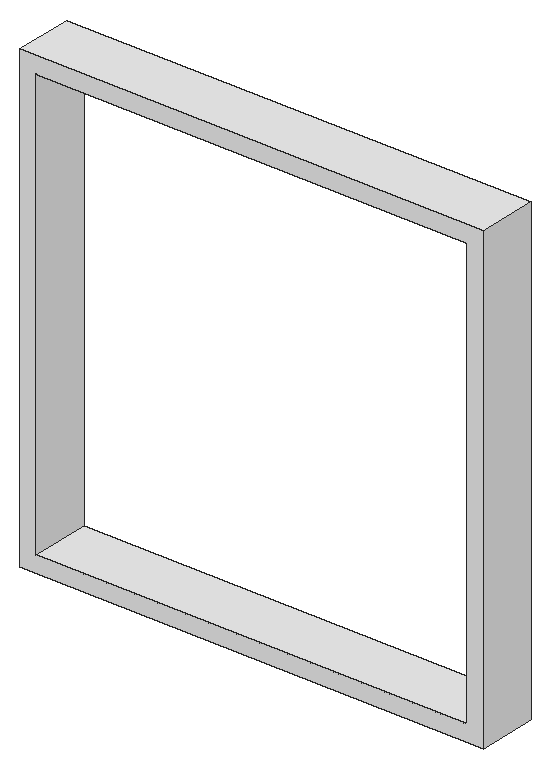
Revit family "DC_Holyoake_LowLeakageDamper_HBD-155-MAN_13", category Duct Accessories, Revit 2014
Parameters (values of type "Variable Width & Height")
  Width [instance] = 1000 mm
  Type Comments = " Manual Volume Control Damper."
  Nominated Air Flow [instance] = 0.0 L/s
  Connector Width [instance] = Width - 70 mm  # 930 mm
  Connector Height [instance] = Height - 70 mm  # 930 mm
  3D Visibility ON OFF = no
  URL = "http://www.holyoake.com/"
  Static Pressure Min / sqm = "10 Pa"
  Static Pressure Max / sqm = "2000 Pa"
  Model = "HBD-155-MANUAL"
  Material Face = Holyoake-Aluminium
  Manufacturer = "Holyoake"
  Material Body = Holyoake-Aluminium
  Holyoake Product Range = " Holyoake Motorised Volume Control Damper "  # constant formula
  Height [instance] = 1000 mm
  Description = "Manual Balancing Dampers shall be Holyoake Model HBD-155-MAN. Manual Balancing Dampers shall be of 6063 T5 extruded aluminium construction, with a 150mm Flanged Frame incorporating pre-punched corner slots for Duct Flange mounting or Channel Frame suitable for fixing inside ductwork. Manual Balancing Dampers shall be fitted with 11mm Hexagonal shafts and shall rotate in two piece Acetal self lubricating bearings. Manual Balancing Dampers shall be fitted with HCD-14 locking quadrant. "
  Blade Width [instance] = Width - 70 mm  # 930 mm
  Blade Number [instance] = ((Height - 70 mm) / 150 mm) - 0.4  # 6
Reference planes
  plane 1 "Center (Front/Back)": y = 0
  plane 2: z = 0
  plane 3 "Center (Left/Right)": x = 0
  plane 4: x = 1000
  plane 5: z = 1000
Forms (mm)
  Sweep 1, solid, material "Holyoake-Aluminium" <- "Material Face"
    path origin (0, 0, 0.818) x (1, 0, 0) y (0, 0, 1)
      loop
        line (0, 1000) -> (0, 0) -> (1000, 0) -> (1000, 1000) -> (0, 1000)
    profile origin (500, 0, 1000.818) x (0, 0, 1) y (0, -1, 0)
      loop
        line (0, 0) -> (-35, 0) -> (-35, -127) -> (0, -127) -> (0, 0)
Lines and regions (mm)
  reference lines
    curve 1: line (0, 179.155, 965) -> (0, -115.845, 965)
Dimensions and locks
  "Width": plane 4 to plane 3 "Center (Left/Right)"
  "Height": plane 5 to plane 2
  Sweep 1 sketch curve to Sweep 1 sketch curve = 127 mm
  equal spacing: plane 1 "Center (Front/Back)", nested 1, Sweep 1
  equal spacing: group 1, group 3, group 4, group 5, group 6, group 2  (x3)
  aligned and locked: nested 1 to Sweep 1  (x3)
  aligned and locked: Sweep 1 to Sweep 1
  aligned and locked: Sweep 1 to nested 1
  aligned and locked: Sweep 1 to nested 2  (x2)
Automatic sketch dimensions
  level to Sweep 1 sketch curve = 0.818 mm
  Sweep 1 sketch curve to plane 3 "Center (Left/Right)" = 0 mm
  Sweep 1 sketch curve to plane 4 = 0 mm
  plane 5 to Sweep 1 sketch curve = 0.818 mm
  Sweep 1 sketch curve to plane 1 "Center (Front/Back)" = 0 mm
  profile plane to Sweep 1 sketch curve = 0 mm
  profile plane to Sweep 1 sketch curve = 35 mm
  curve 1 to plane 5 = 35 mm
  plane 1 "Center (Front/Back)" to curve 1 = 115.845 mm
  curve 1 to plane 1 "Center (Front/Back)" = 179.155 mm
Nested families
  nested 1: "6063 t5 Extrusion_Damper Blade" at (35, 36.35, 35.818), Width <- "Blade Width", visible <- "3D Visibility ON OFF", type "6063 t5 Extrusion_Damper Blade"
    with Width 930 mm
  nested 2: "6063 t5 Extrusion_Damper Blade" at (35, 36.35, 815.818), Width <- "Blade Width", visible <- "3D Visibility ON OFF", type "6063 t5 Extrusion_Damper Blade"
    with Width 930 mm
  nested 3: "6063 t5 Extrusion_Damper Blade" at (35, 36.35, 191.818), Width <- "Blade Width", visible <- "3D Visibility ON OFF", type "6063 t5 Extrusion_Damper Blade"
    with Width 930 mm
  nested 4: "6063 t5 Extrusion_Damper Blade" at (35, 36.35, 347.818), Width <- "Blade Width", visible <- "3D Visibility ON OFF", type "6063 t5 Extrusion_Damper Blade"
    with Width 930 mm
  nested 5: "6063 t5 Extrusion_Damper Blade" at (35, 36.35, 503.818), Width <- "Blade Width", visible <- "3D Visibility ON OFF", type "6063 t5 Extrusion_Damper Blade"
    with Width 930 mm
  nested 6: "6063 t5 Extrusion_Damper Blade" at (35, 36.35, 659.818), Width <- "Blade Width", visible <- "3D Visibility ON OFF", type "6063 t5 Extrusion_Damper Blade"
    with Width 930 mm
Definition of nested family "6063 t5 Extrusion_Damper Blade"
  Parameters (values of type "6063 t5 Extrusion_Damper Blade")
    Width [instance] = 444 mm
    URL = "http://www.holyoake.com/"
    Model = "HBD-155"
    Manufacturer = "Hollyoake"
    Finish = Holyoake-Aluminium
    Height = 150 mm
    Description = "Balancing Control Damper"
    Depth = 54.3 mm
    Assembly Code = ""
  Reference planes
    plane 1 "Front": y = 0
    plane 2: z = 0
    plane 3 "Left": x = 0
    plane 4 "Right": x = 444
    plane 5: z = 150
    plane 6 "Back": y = 54.3
    plane 7: z = 75
    plane 8: x = 222
    plane 9 "Centre Left/Back": y = 27.15
  Forms (mm)
    Extrusion 1, solid
      sketch origin (0, -441.525, -592.137) x (0, 1, 0) y (0, 0, 1)
        loop
          line (443.35, 742.137) -> (441.525, 741.319) -> (460.201, 699.665) -> (471.414, 669.03)
          arc (471.414, 669.03) -> (470.792, 666.365) -> (472.985, 664.727) r 2.5
          line (472.985, 664.727) -> (484.184, 624.208) -> (498.434, 592.202) -> (500.261, 593.015) -> (486.039, 624.958) -> (474.864, 665.411)
          arc (474.864, 665.411) -> (475.489, 668.079) -> (473.292, 669.717) r 2.5
          line (473.292, 669.717) -> (462.055, 700.418) -> (443.35, 742.137)
      from 0 to 444
  Lines and regions (mm)
    model lines
      curve 1: line (0, -512.338, 469.732) -> (0, -514.338, 469.732)
      curve 2: line (0, -513.286, 470.982) -> (0, -513.286, 468.583)
      curve 16: line (0, 27.15, 150) -> (444, 27.15, 150)
    symbolic lines, style "MechanicalEquipmentHiddenLines", not visible
      curve 3: line (0, 335.36, -194.343) -> (0, 324.251, -163.822)
      curve 4: line (0, 349.596, -226.317) -> (0, 335.36, -194.343)
      curve 5: circle (0, 323.389, -161.454) r 2.52 normal (1, 0, 0)
      curve 6: line (0, 311.376, -128.634) -> (0, 297.057, -96.697)
      curve 7: line (0, 322.523, -159.087) -> (0, 311.376, -128.634)
      curve 8: line (0, 322.93, -161.454) -> (0, 323.93, -161.454)
      curve 9: line (0, 323.43, -161.954) -> (0, 323.43, -160.954)
    symbolic lines, style "MechanicalEquipment", not visible
      curve 10: line (0, 77.5, 82.5) -> (400, 77.5, 82.5)
      curve 11: line (0, 77.5, 77.5) -> (400, 77.5, 77.5)
      curve 12: line (0, 77.5, 46.5) -> (400, 77.5, 46.5)
      curve 13: line (0, 77.5, 15.5) -> (400, 77.5, 15.5)
      curve 14: line (0, 77.5, 113.5) -> (400, 77.5, 113.5)
      curve 15: line (0, 77.5, 144.5) -> (400, 77.5, 144.5)
  Dimensions and locks
    "Width": plane 4 "Right" to plane 3 "Left"
    "Height": plane 5 to plane 2
    "Depth": plane 6 "Back" to plane 1 "Front"
    equal spacing: plane 5, plane 7, plane 2
    equal spacing: plane 3 "Left", plane 8, plane 4 "Right"
    equal spacing: plane 6 "Back", plane 9 "Centre Left/Back", plane 1 "Front"
    aligned and locked: level to plane 2
    aligned and locked: Extrusion 1 to plane 3 "Left"
    aligned and locked: plane 4 "Right" to Extrusion 1
    aligned and locked: plane 3 "Left" to Extrusion 1  (x5)
    aligned and locked: plane 4 "Right" to curve 16
    aligned and locked: plane 3 "Left" to curve 16
  Automatic sketch dimensions
    curve 1 to curve 2 = 1.634 mm
    curve 2 to curve 1 = 1.49 mm
    curve 2 to curve 1 = 1.558 mm
    curve 1 to curve 2 = 1.569 mm
    curve 6 to curve 6 = 14.319 mm
    curve 7 to curve 7 = 11.146 mm
    curve 7 to curve 8 = 0.407 mm
    curve 8 to curve 5 = 0.46 mm
    curve 5 to curve 9 = 0.04 mm
    curve 5 to curve 8 = 0.54 mm
    curve 9 to curve 3 = 0.822 mm
    curve 3 to curve 3 = 11.109 mm
    curve 4 to curve 4 = 14.236 mm
    curve 4 to curve 8 = 32.889 mm
    curve 3 to curve 8 = 2.368 mm
    curve 9 to curve 8 = 0.5 mm
    curve 8 to curve 5 = 0 mm
    curve 5 to curve 9 = 0.5 mm
    curve 7 to curve 6 = 30.453 mm
    curve 6 to curve 6 = 31.937 mm
    curve 4 to curve 4 = 31.974 mm
    plane 1 "Front" to curve 1 = 514.338 mm
    curve 1 to curve 2 = 1.052 mm
    curve 2 to curve 1 = 0.948 mm
    plane 5 to curve 2 = 318.583 mm
    curve 2 to curve 1 = 1.149 mm
    curve 1 to curve 2 = 1.25 mm
    Extrusion 1 sketch curve to Extrusion 1 sketch curve = 0 mm  (x2)
    Extrusion 1 sketch curve to plane 5 = 0.818 mm
    plane 6 "Back" to Extrusion 1 sketch curve = 54.3 mm
    Extrusion 1 sketch curve to plane 5 = 0 mm
    Extrusion 1 sketch curve to Extrusion 1 sketch curve = 1.825 mm
    plane 7 to Extrusion 1 sketch curve = 32.527 mm
    plane 7 to Extrusion 1 sketch curve = 33.281 mm
    plane 7 to Extrusion 1 sketch curve = 1.893 mm
    Extrusion 1 sketch curve to Extrusion 1 sketch curve = 11.213 mm
    Extrusion 1 sketch curve to Extrusion 1 sketch curve = 1.571 mm
    Extrusion 1 sketch curve to Extrusion 1 sketch curve = 1.727 mm
    plane 7 to Extrusion 1 sketch curve = 2.58 mm
    Extrusion 1 sketch curve to Extrusion 1 sketch curve = 1.878 mm
    Extrusion 1 sketch curve to Extrusion 1 sketch curve = 1.879 mm
    level to Extrusion 1 sketch curve = 32.07 mm
    Extrusion 1 sketch curve to Extrusion 1 sketch curve = 11.199 mm
    level to Extrusion 1 sketch curve = 32.82 mm
    Extrusion 1 sketch curve to Extrusion 1 sketch curve = 1.855 mm
    level to Extrusion 1 sketch curve = 0.064 mm
    Extrusion 1 sketch curve to Extrusion 1 sketch curve = 12.394 mm
    Extrusion 1 sketch curve to plane 7 = 2.411 mm
    curve 16 to plane 5 = 0 mm
